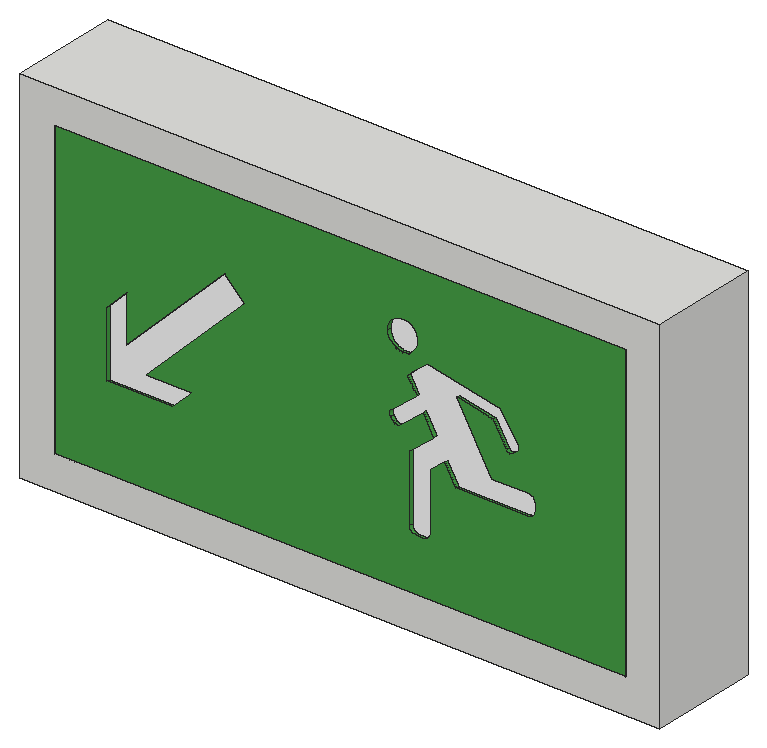
Revit family "T93061E Kubus65 M LED 32m 2-s stål LED driver_Tak", category Lighting Fixtures, Revit 2016
Family settings
  Part Type = Normal
  Round Connector Dimension = Use Diameter
  OmniClass Number = 23.80.70.11.21
  OmniClass Title = Emergency Lighting
  Work Plane-Based = No
  Always vertical = Yes
  Cut with Voids When Loaded = No
  Light Source = Yes
  Shared = No
  Room Calculation Point = No
Parameters (values of type "MarkeringsLys (45 Ned mot venstre)")
  Width = 63.5 mm  # constant formula
  Wattage Comments = "17 W"
  Wattage = 9.2903 W
  built-in parameter 1150110 = 1 (stored number, unit not read)
  Voltage = 230 V
  URL = ""
  Type Comments = "-UN"
  built-in parameter 1114217 = 1 (stored number, unit not read)
  Tilt Angle = 90.00°
  built-in parameter 1150109 = 1 (stored number, unit not read)
  built-in parameter 1150134 = 3
  Symbol Positive Direction [instance] = yes
  Symbol Offset Side [instance] = 0 mm
  Symbol Offset Out [instance] = 0 mm
  built-in parameter 1150113 = 1 (stored number, unit not read)
  Reference Line Out [instance] = 50 mm
  Photometric Web File = "20x42A12.ies"
  Number of Poles = 1
  NS8360 = "4431_WT2"
  Markeringslys normal = no
  Markeringslys ikke normal = yes
  MarkeringsLys Venstre = no
  MarkeringsLys Opp = no
  MarkeringsLys Ned = no
  MarkeringsLys Høyre = no
  MarkeringsLys 45 Opp mot venstre = no
  MarkeringsLys 45 Opp mot høyre = no
  MarkeringsLys 45 Ned mot venstre = yes
  MarkeringsLys 45 Ned mot høyre = no
  MarkeringsLys = yes
  built-in parameter 1150105 = 109.82 (stored number, unit not read)
  Lumens = 1380 lm
  built-in parameter 1150115 = 1 (stored number, unit not read)
  Load Classification [instance] = Other
  Model = ""
  Manufacturer = "Honeywell"
  built-in parameter 1150137 = (empty or 0)
  built-in parameter 1150139 = (empty or 0)
  Length 1 = Length - 40 mm  # 330 mm
  Length = 370 mm  # constant formula
  LedeLys = no
  built-in parameter 1150112 = 1 (stored number, unit not read)
  built-in parameter 1150114 = 1 (stored number, unit not read)
  Lamp = "1"
  Keynote = "WT2"
  built-in parameter 1150132 = (empty or 0)
  built-in parameter 1150102 = (empty or 0)
  built-in parameter 1150107 = 3200 (stored number, unit not read)
  built-in parameter 1150138 = (empty or 0)
  built-in parameter 1150106 = 1.0982 (stored number, unit not read)
  Height 2 = 0 mm  # constant formula
  Height 1 = Height - 39 mm  # 170 mm
  Height = 209 mm  # constant formula
  Emit from Rectangle Width = Height  # 209 mm
  Emit from Rectangle Length = Length  # 370 mm
  Emit Shape Visible in Rendering = no
  built-in parameter 1150104 = 13.8 (stored number, unit not read)
  Dimming Lamp Color Temperature Shift = <None>
  Description = ""
  Color Filter = 16777215
  Body Material and Colour = Steel
  built-in parameter 1114218 = 1 (stored number, unit not read)
  built-in parameter 1150133 = 10 (stored number, unit not read)
  Assembly Code = "4431"
  Apparent Load = 17 VA
Types (9, lengths in mm): name | NS8360 | Markeringslys normal | Markeringslys ikke normal | MarkeringsLys Venstre | MarkeringsLys Opp | MarkeringsLys Ned | MarkeringsLys Høyre | MarkeringsLys 45 Opp mot venstre | MarkeringsLys 45 Opp mot høyre | MarkeringsLys 45 Ned mot venstre | MarkeringsLys 45 Ned mot høyre | MarkeringsLys | LedeLys | Assembly Code
  LedeLys | "4432_WT2" | yes | no | no | no | no | no | no | no | no | no | no | yes | "4432"
  MarkeringsLys (Ned) | "4431_WT2" | yes | no | no | no | yes | no | no | no | no | no | yes | no | "4431"
  MarkeringsLys (Opp) | "4431_WT2" | yes | no | no | yes | no | no | no | no | no | no | yes | no | "4431"
  MarkeringsLys (45 Ned mot høyre) | "4431_WT2" | yes | no | no | no | no | no | no | no | no | yes | yes | no | "4431"
  MarkeringsLys (45 Ned mot venstre) | "4431_WT2" | no | yes | no | no | no | no | no | no | yes | no | yes | no | "4431"
  MarkeringsLys (45 Opp mot høyre) | "4431_WT2" | yes | no | no | no | no | no | no | yes | no | no | yes | no | "4431"
  MarkeringsLys (45 Opp mot venstre) | "4431_WT2" | no | yes | no | no | no | no | yes | no | no | no | yes | no | "4431"
  MarkeringsLys (Høyre) | "4431_WT2" | yes | no | no | no | no | yes | no | no | no | no | yes | no | "4431"
  MarkeringsLys (Venstre) | "4431_WT2" | no | yes | yes | no | no | no | no | no | no | no | yes | no | "4431"
Reference planes
  plane 1 "Light Source Axis (F/B)": y = 119.961
  plane 2 "Top": z = 83
  plane 3 "Light Source Axis (L/R)": x = 0
  plane 4 "Level": z = 0
  plane 5: x = -185
  plane 6: x = 185
  plane 7: x = -165
  plane 8: x = 165
  plane 9: z = -104.5
  plane 10: z = 0
  plane 11: z = -209
  plane 12: z = -19.5
  plane 13: z = -189.5
  plane 14: y = 151.711
  plane 15: y = 88.211
  plane 16: y = 90.211
  plane 17: y = 149.711
Forms (mm)
  Extrusion 1, solid, material "Steel" <- "Body Material and Colour"
    sketch origin (0, 119.961, -31.25) x (1, 0, 0) y (0, 0, 1)
      loop
        line (-185, 31.25) -> (-185, -177.75) -> (185, -177.75) -> (185, 31.25) -> (-185, 31.25)
      loop
        line (-165, 11.75) -> (-165, -158.25) -> (165, -158.25) -> (165, 11.75) -> (-165, 11.75)
    from -31.75 to 31.75
  Extrusion 2, solid, material "Steel" <- "Body Material and Colour"
    sketch origin (0, 0, 0) x (0, 1, 0) y (0, 0, 1)
      loop
        line (149.711, 0) -> (90.211, 0) -> (90.211, -209) -> (149.711, -209) -> (149.711, 0)
    from -185 to 185
Cuts and joins
  joined: Extrusion 1, Extrusion 2
Lines and regions (mm)
  model lines, style "InvisibleLines"
    curve 1: line (0, 119.961, 0) -> (0, 169.961, 0)
  symbolic lines, style "InvisibleLines"
    curve 2: line (0, 119.961, 50) -> (0, 119.961, 0)
Dimensions and locks
  equal spacing: plane 5, plane 3 "Light Source Axis (L/R)", plane 6
  "Length": plane 5 to plane 6
  equal spacing: plane 7, plane 3 "Light Source Axis (L/R)", plane 8
  "Length 1": plane 7 to plane 8
  "Reference Line Out": plane 1 "Light Source Axis (F/B)" to curve 1
  "Height 2": plane 4 "Level" to plane 10
  "Emit from Rectangle Width": plane 10 to plane 11
  equal spacing: plane 10, plane 9, plane 11
  equal spacing: plane 12, plane 9, plane 13
  "Height 1": plane 12 to plane 13
  equal spacing: plane 14, plane 1 "Light Source Axis (F/B)", plane 15
  "Width": plane 14 to plane 15
  aligned and locked: plane 4 "Level" to level
  aligned and locked: plane 3 "Light Source Axis (L/R)" to nested 2
  aligned and locked: plane 1 "Light Source Axis (F/B)" to nested 2
  aligned and locked: Extrusion 1 sketch curve to plane 6
  aligned and locked: plane 5 to Extrusion 1 sketch curve
  aligned and locked: plane 7 to Extrusion 1 sketch curve
  aligned and locked: Extrusion 1 sketch curve to plane 8
  aligned and locked: plane 9 to imposter light
  aligned and locked: imposter light to plane 3 "Light Source Axis (L/R)"
  aligned and locked: plane 1 "Light Source Axis (F/B)" to curve 1
  aligned and locked: plane 3 "Light Source Axis (L/R)" to curve 1
  aligned and locked: Extrusion 1 to plane 11
  aligned and locked: plane 10 to Extrusion 1
  aligned and locked: nested 1 to plane 3 "Light Source Axis (L/R)"
  aligned and locked: Extrusion 1 to Extrusion 2 sketch curve
  aligned and locked: plane 3 "Light Source Axis (L/R)" to nested 4
  aligned and locked: nested 6 to plane 3 "Light Source Axis (L/R)"
  aligned and locked: nested 6 to plane 9
  aligned and locked: plane 3 "Light Source Axis (L/R)" to nested 5
  aligned and locked: plane 9 to nested 5
  aligned and locked: nested 8 to plane 3 "Light Source Axis (L/R)"
  aligned and locked: nested 8 to plane 9
  aligned and locked: plane 9 to nested 7
  aligned and locked: plane 3 "Light Source Axis (L/R)" to nested 7
  aligned and locked: nested 9 to plane 9
  aligned and locked: nested 9 to plane 3 "Light Source Axis (L/R)"
  aligned and locked: plane 9 to nested 4
  aligned and locked: plane 3 "Light Source Axis (L/R)" to nested 3
  aligned and locked: plane 9 to nested 3
  aligned and locked: plane 9 to nested 10
  aligned and locked: plane 3 "Light Source Axis (L/R)" to nested 10
  aligned and locked: nested 11 to plane 3 "Light Source Axis (L/R)"
  aligned and locked: nested 11 to plane 9
  aligned and locked: plane 9 to nested 12
  aligned and locked: nested 13 to plane 9
  aligned and locked: plane 3 "Light Source Axis (L/R)" to nested 12
  aligned and locked: nested 13 to plane 3 "Light Source Axis (L/R)"
  aligned and locked: nested 15 to plane 9
  aligned and locked: plane 9 to nested 14
  aligned and locked: plane 3 "Light Source Axis (L/R)" to nested 14
  aligned and locked: nested 15 to plane 3 "Light Source Axis (L/R)"
  aligned and locked: plane 3 "Light Source Axis (L/R)" to nested 16
  aligned and locked: nested 17 to plane 3 "Light Source Axis (L/R)"
  aligned and locked: nested 17 to plane 9
  aligned and locked: plane 9 to nested 16
  aligned and locked: plane 14 to cut or joined group of Extrusion 1, Extrusion 2
  aligned and locked: nested 16 to plane 15
  aligned and locked: nested 17 to plane 14
  aligned and locked: Extrusion 1 sketch curve to plane 12
  aligned and locked: Extrusion 1 sketch curve to plane 13
  aligned and locked: cut or joined group of Extrusion 1, Extrusion 2 to plane 15
  aligned and locked: cut or joined group of Extrusion 1, Extrusion 2 to plane 16
  aligned and locked: plane 17 to cut or joined group of Extrusion 1, Extrusion 2
  aligned and locked: imposter light to plane 14
  aligned and locked: nested 11 to plane 14
  aligned and locked: nested 10 to plane 15
  aligned and locked: nested 13 to plane 14
  aligned and locked: nested 12 to plane 15
  aligned and locked: nested 8 to plane 14
  aligned and locked: nested 5 to plane 15
  aligned and locked: nested 15 to plane 14
  aligned and locked: nested 14 to plane 15
  aligned and locked: nested 9 to plane 14
  aligned and locked: nested 7 to plane 15
  aligned and locked: nested 1 to plane 14
  aligned and locked: nested 3 to plane 15
  aligned and locked: nested 6 to plane 14
  aligned and locked: nested 4 to plane 15
  aligned and locked: nested 1 to plane 9
  aligned and locked: plane 3 "Light Source Axis (L/R)" to curve 2
  aligned and locked: plane 4 "Level" to curve 2
  aligned and locked: plane 3 "Light Source Axis (L/R)" to nested 18
  aligned and locked: plane 1 "Light Source Axis (F/B)" to nested 18
Automatic sketch dimensions
  Extrusion 1 sketch curve to plane 11 = 0 mm
  Extrusion 1 sketch curve to plane 10 = 0 mm
  Extrusion 2 sketch curve to plane 11 = 0 mm
  plane 1 "Light Source Axis (F/B)" to Extrusion 2 sketch curve = 29.75 mm
  Extrusion 2 sketch curve to plane 1 "Light Source Axis (F/B)" = 29.75 mm
  plane 2 "Top" to curve 2 = 33 mm
Nested families
  nested 1: "Formula 65_ned" at (0, 149.711, -104.5), type "Formula 65"
  nested 2: "LedelysS" at (0, 119.961, 0), visible <- "LedeLys", type "Type 1"
  nested 3: "Formula 65_ned" at (0, 90.211, -104.5), visible <- "MarkeringsLys Ned", type "Formula 65"
  nested 4: "Formula 65_opp" at (0, 90.211, -104.5), visible <- "MarkeringsLys Opp", type "Formula 65"
  nested 5: "Formula 65_skrått 45 grader ned mot venstre" at (0, 90.211, -104.5), type "Formula 65"
    with 45 ned mot venstre yes
  nested 6: "Formula 65_opp" at (0, 149.711, -104.5), type "Formula 65"
  nested 7: "Formula 65_skrått 45 grader opp mot venstre" at (0, 90.211, -104.5), type "Formula 65"
  nested 8: "Formula 65_skrått 45 grader ned mot venstre" at (0, 149.711, -104.5), type "Formula 65"
    with 45 ned mot venstre yes
  nested 9: "Formula 65_skrått 45 grader opp mot venstre" at (0, 149.711, -104.5), type "Formula 65"
  nested 10: "Formula 65_høyre" at (0, 90.211, -104.5), type "Formula 65"
  nested 11: "Formula 65_høyre" at (0, 149.711, -104.5), type "Formula 65"
  nested 12: "Formula 65_skrått 45 grader ned mot høyre" at (0, 90.211, -104.5), type "Formula 65"
  nested 13: "Formula 65_skrått 45 grader ned mot høyre" at (0, 149.711, -104.5), type "Formula 65"
  nested 14: "Formula 65_skrått 45 grader opp mot høyre" at (0, 90.211, -104.5), type "Formula 65"
  nested 15: "Formula 65_skrått 45 grader opp mot høyre" at (0, 149.711, -104.5), type "Formula 65"
  nested 16: "Formula 65_venstre" at (0, 90.211, -104.5), type "Formula 65"
    with Venstre no
  nested 17: "Formula 65_venstre" at (0, 149.711, -104.5), type "Formula 65"
    with Venstre no
  nested 18: "MarkeringslysDobbelS" at (0, 119.961, 0), visible <- "MarkeringsLys", type "Type 1"
    with Venstre ned 45 yes, Opp no, Normal no, Ikke normal yes
Connectors
  electrical at (0, 119.961, 0), driven by "Number of Poles", driven by "Load Classification", driven by "Voltage", driven by "Apparent Load"
    settings: index 1, voltage 230 V, apparent load 0 VA, apparent load phase1 17 VA, apparent load phase2 0 VA, apparent load phase3 0 VA, power factor 1, load classification "Other", number of poles 1, system type 31, power factor state 1, is connector primary yes, connector utility no, sub classification motor no, connector description ""
Definition of nested family "Formula 65_skrått 45 grader ned mot venstre"
  Parameters (values of type "Formula 65")
    L = 205 mm
    H = 135 mm
    45 ned mot venstre = no
  Reference planes
    plane 1 "Center (Front/Back)": y = 0
    plane 2: z = 0
    plane 3 "Center (Left/Right)": x = 0
    plane 4: y = -2
  Forms (mm)
    Extrusion 1, solid, visible <- "45 ned mot venstre"
      sketch origin (453.48, 0, -265.275) x (1, 0, 0) y (0, 0, 1)
        loop
          line (-288.48, 350.275) -> (-618.48, 350.275) -> (-618.48, 180.275) -> (-288.48, 180.275) -> (-288.48, 350.275)
        loop
          circle (-416.951, 312.164) r 8.743
        loop
          line (-409.79, 296.785) -> (-414.349, 292.225) -> (-409.237, 283.371) -> (-423.754, 271.19)
          arc (-423.754, 271.19) -> (-424.61, 269.546) -> (-424.052, 267.778) r 2.422
          line (-424.052, 267.778) -> (-421.977, 265.304)
          arc (-421.977, 265.304) -> (-420.333, 264.448) -> (-418.565, 265.006) r 2.422
          line (-418.565, 265.006) -> (-405.139, 276.272) -> (-398.991, 265.623) -> (-413.093, 253.79) -> (-413.093, 215.253)
          arc (-413.093, 215.253) -> (-411.911, 212.399) -> (-409.056, 211.217) r 4.036
          line (-409.056, 211.217) -> (-405.02, 211.217)
          arc (-405.02, 211.217) -> (-402.166, 212.399) -> (-400.984, 215.253) r 4.036
          line (-400.984, 215.253) -> (-400.984, 248.144) -> (-392.843, 254.975) -> (-386.394, 243.805) -> (-344.475, 243.805)
          arc (-344.475, 243.805) -> (-341.621, 244.987) -> (-340.439, 247.841) r 4.036
          line (-340.439, 247.841) -> (-340.439, 251.878)
          arc (-340.439, 251.878) -> (-341.621, 254.732) -> (-344.475, 255.914) r 4.036
          line (-344.475, 255.914) -> (-365.421, 255.914) -> (-385.749, 291.125) -> (-364.745, 287.035) -> (-357.179, 273.93)
          arc (-357.179, 273.93) -> (-355.647, 272.786) -> (-353.763, 273.11) r 2.422
          line (-353.763, 273.11) -> (-350.966, 274.927)
          arc (-350.966, 274.927) -> (-349.916, 276.454) -> (-350.254, 278.277) r 2.422
          line (-350.254, 278.277) -> (-360.781, 294.487) -> (-402.782, 302.665) -> (-409.79, 296.785)
        loop
          line (-588.076, 266.6) -> (-588.076, 228.328) -> (-549.805, 228.328) -> (-538.323, 239.81) -> (-565.113, 239.81) -> (-508.443, 296.48) -> (-519.924, 307.962) -> (-576.595, 251.291) -> (-576.595, 278.081) -> (-588.076, 266.6)
      from 0 to 2
  Dimensions and locks
    aligned and locked: level to plane 2
Definition of nested family "Formula 65_ned"
  Parameters (values of type "Formula 65")
    Ned = no
    L = 205 mm
    H = 135 mm
  Reference planes
    plane 1 "Center (Front/Back)": y = 0
    plane 2: z = 0
    plane 3 "Center (Left/Right)": x = 0
    plane 4: y = -2
  Forms (mm)
    Extrusion 1, solid, visible <- "Ned"
      sketch origin (453.48, 0, -265.275) x (1, 0, 0) y (0, 0, 1)
        loop
          line (-288.48, 350.275) -> (-618.48, 350.275) -> (-618.48, 180.275) -> (-288.48, 180.275) -> (-288.48, 350.275)
        loop
          line (-505.328, 240.087) -> (-505.328, 256.324) -> (-524.271, 237.38) -> (-524.271, 317.525) -> (-540.508, 317.525) -> (-540.508, 237.38) -> (-559.451, 256.324) -> (-559.451, 240.087) -> (-532.389, 213.025) -> (-505.328, 240.087)
        loop
          circle (-416.951, 312.164) r 8.743
        loop
          line (-409.79, 296.785) -> (-414.349, 292.225) -> (-409.237, 283.371) -> (-423.754, 271.19)
          arc (-423.754, 271.19) -> (-424.61, 269.546) -> (-424.052, 267.778) r 2.422
          line (-424.052, 267.778) -> (-421.977, 265.304)
          arc (-421.977, 265.304) -> (-420.333, 264.448) -> (-418.565, 265.006) r 2.422
          line (-418.565, 265.006) -> (-405.139, 276.272) -> (-398.991, 265.623) -> (-413.093, 253.79) -> (-413.093, 215.253)
          arc (-413.093, 215.253) -> (-411.911, 212.399) -> (-409.056, 211.217) r 4.036
          line (-409.056, 211.217) -> (-405.02, 211.217)
          arc (-405.02, 211.217) -> (-402.166, 212.399) -> (-400.984, 215.253) r 4.036
          line (-400.984, 215.253) -> (-400.984, 248.144) -> (-392.843, 254.975) -> (-386.394, 243.805) -> (-344.475, 243.805)
          arc (-344.475, 243.805) -> (-341.621, 244.987) -> (-340.439, 247.841) r 4.036
          line (-340.439, 247.841) -> (-340.439, 251.878)
          arc (-340.439, 251.878) -> (-341.621, 254.732) -> (-344.475, 255.914) r 4.036
          line (-344.475, 255.914) -> (-365.421, 255.914) -> (-385.749, 291.125) -> (-364.745, 287.035) -> (-357.179, 273.93)
          arc (-357.179, 273.93) -> (-355.647, 272.786) -> (-353.763, 273.11) r 2.422
          line (-353.763, 273.11) -> (-350.966, 274.927)
          arc (-350.966, 274.927) -> (-349.916, 276.454) -> (-350.254, 278.277) r 2.422
          line (-350.254, 278.277) -> (-360.781, 294.487) -> (-402.782, 302.665) -> (-409.79, 296.785)
      from 0 to 2
  Dimensions and locks
    aligned and locked: level to plane 2
Definition of nested family "LedelysS"
  Parameters
    CQ Symbol Positive Direction = yes
    CQ Symbol Negative Direction = not(CQ Symbol Positive Direction)  # no
    CQ Symbol Offset Side = 0 mm
    CQ Symbol Offset Out = 0 mm
  Reference planes
    plane 1: y = 0
    plane 2: x = 0
  Dimensions and locks
    "CQ Symbol Offset Out": plane 1 to nested 1
    "CQ Symbol Offset Out": plane 1 to nested 2
    "CQ Symbol Offset Side": plane 2 to nested 2
    "CQ Symbol Offset Side": nested 1 to plane 2
  Nested families
    nested 1: "LedelysSub" at (0, 0, 0), visible <- "CQ Symbol Negative Direction", type "Type 1"
    nested 2: "LedelysSub" at (0, 0, 0), visible <- "CQ Symbol Positive Direction", type "Type 1"
  Definition of nested family "LedelysSub"
    Reference planes
      plane 1: y = 0
      plane 2: x = 0
    Lines and regions (mm)
      detail lines
        curve 1: line (-4, -2, 0) -> (4, -2, 0)
        curve 2: line (4, -2, 0) -> (4, 2, 0)
        curve 3: line (4, 2, 0) -> (-4, 2, 0)
        curve 4: line (-4, 2, 0) -> (-4, -2, 0)
        curve 5: line (-3.097, -1.25, 0) -> (-0.597, 1.25, 0)
        curve 6: line (-3.097, 1.25, 0) -> (-0.597, -1.25, 0)
        curve 7: circle (-1.847, 0, 0) r 1.2 normal (0, 0, 1)
    Text (mm)
      text "LL" at (2.179, 1.025, 0)
Definition of nested family "Formula 65_opp"
  Parameters (values of type "Formula 65")
    Up = no
    L = 205 mm
    H = 135 mm
  Reference planes
    plane 1 "Center (Front/Back)": y = 0
    plane 2: z = 0
    plane 3 "Center (Left/Right)": x = 0
    plane 4: y = -2
  Forms (mm)
    Extrusion 1, solid, visible <- "Up"
      sketch origin (453.48, 0, -265.275) x (1, 0, 0) y (0, 0, 1)
        loop
          line (-288.48, 350.275) -> (-618.48, 350.275) -> (-618.48, 180.275) -> (-288.48, 180.275) -> (-288.48, 350.275)
        loop
          circle (-406.951, 312.164) r 8.743
        loop
          line (-399.79, 296.785) -> (-404.349, 292.225) -> (-399.237, 283.371) -> (-413.754, 271.19)
          arc (-413.754, 271.19) -> (-414.61, 269.546) -> (-414.052, 267.778) r 2.422
          line (-414.052, 267.778) -> (-411.977, 265.304)
          arc (-411.977, 265.304) -> (-410.333, 264.448) -> (-408.565, 265.006) r 2.422
          line (-408.565, 265.006) -> (-395.139, 276.272) -> (-388.991, 265.623) -> (-403.093, 253.79) -> (-403.093, 215.253)
          arc (-403.093, 215.253) -> (-401.911, 212.399) -> (-399.056, 211.217) r 4.036
          line (-399.056, 211.217) -> (-395.02, 211.217)
          arc (-395.02, 211.217) -> (-392.166, 212.399) -> (-390.984, 215.253) r 4.036
          line (-390.984, 215.253) -> (-390.984, 248.144) -> (-382.843, 254.975) -> (-376.394, 243.805) -> (-334.475, 243.805)
          arc (-334.475, 243.805) -> (-331.621, 244.987) -> (-330.439, 247.841) r 4.036
          line (-330.439, 247.841) -> (-330.439, 251.878)
          arc (-330.439, 251.878) -> (-331.621, 254.732) -> (-334.475, 255.914) r 4.036
          line (-334.475, 255.914) -> (-355.421, 255.914) -> (-375.749, 291.125) -> (-354.745, 287.035) -> (-347.179, 273.93)
          arc (-347.179, 273.93) -> (-345.647, 272.786) -> (-343.763, 273.11) r 2.422
          line (-343.763, 273.11) -> (-340.966, 274.927)
          arc (-340.966, 274.927) -> (-339.916, 276.454) -> (-340.254, 278.277) r 2.422
          line (-340.254, 278.277) -> (-350.781, 294.487) -> (-392.782, 302.665) -> (-399.79, 296.785)
        loop
          line (-505.328, 290.463) -> (-532.389, 317.525) -> (-559.451, 290.463) -> (-559.451, 274.226) -> (-540.508, 293.169) -> (-540.508, 213.025) -> (-524.271, 213.025) -> (-524.271, 293.169) -> (-505.328, 274.226) -> (-505.328, 290.463)
      from 0 to 2
  Dimensions and locks
    aligned and locked: level to plane 2
Definition of nested family "Formula 65_skrått 45 grader opp mot venstre"
  Parameters (values of type "Formula 65")
    L = 205 mm
    H = 135 mm
    45 opp mot venstre = no
  Reference planes
    plane 1 "Center (Front/Back)": y = 0
    plane 2: z = 0
    plane 3 "Center (Left/Right)": x = 0
    plane 4: y = -2
  Forms (mm)
    Extrusion 1, solid, visible <- "45 opp mot venstre"
      sketch origin (453.48, 0, -265.275) x (1, 0, 0) y (0, 0, 1)
        loop
          line (-288.48, 350.275) -> (-618.48, 350.275) -> (-618.48, 180.275) -> (-288.48, 180.275) -> (-288.48, 350.275)
        loop
          circle (-420.272, 307.901) r 7.948
        loop
          line (-413.762, 293.92) -> (-417.907, 289.775) -> (-413.259, 281.726) -> (-426.456, 270.652)
          arc (-426.456, 270.652) -> (-427.234, 269.157) -> (-426.728, 267.55) r 2.202
          line (-426.728, 267.55) -> (-424.841, 265.302)
          arc (-424.841, 265.302) -> (-423.346, 264.524) -> (-421.739, 265.03) r 2.202
          line (-421.739, 265.03) -> (-409.533, 275.272) -> (-403.944, 265.592) -> (-416.764, 254.834) -> (-416.764, 219.801)
          arc (-416.764, 219.801) -> (-415.69, 217.206) -> (-413.095, 216.131) r 3.669
          line (-413.095, 216.131) -> (-409.425, 216.131)
          arc (-409.425, 216.131) -> (-406.831, 217.206) -> (-405.756, 219.801) r 3.669
          line (-405.756, 219.801) -> (-405.756, 249.701) -> (-398.355, 255.911) -> (-392.493, 245.757) -> (-354.384, 245.757)
          arc (-354.384, 245.757) -> (-351.79, 246.832) -> (-350.715, 249.426) r 3.669
          line (-350.715, 249.426) -> (-350.715, 253.096)
          arc (-350.715, 253.096) -> (-351.79, 255.69) -> (-354.384, 256.765) r 3.669
          line (-354.384, 256.765) -> (-373.426, 256.765) -> (-391.907, 288.775) -> (-372.812, 285.056) -> (-365.934, 273.144)
          arc (-365.934, 273.144) -> (-364.541, 272.104) -> (-362.828, 272.398) r 2.202
          line (-362.828, 272.398) -> (-360.285, 274.049)
          arc (-360.285, 274.049) -> (-359.331, 275.438) -> (-359.638, 277.095) r 2.202
          line (-359.638, 277.095) -> (-369.208, 291.831) -> (-407.391, 299.266) -> (-413.762, 293.92)
        loop
          line (-575.84, 264.07) -> (-565.402, 253.633) -> (-565.402, 277.987) -> (-513.883, 226.468) -> (-503.446, 236.906) -> (-554.965, 288.425) -> (-530.61, 288.425) -> (-541.048, 298.862) -> (-575.84, 298.862) -> (-575.84, 264.07)
      from 0 to 2
  Dimensions and locks
    aligned and locked: level to plane 2
Definition of nested family "Formula 65_høyre"
  Parameters (values of type "Formula 65")
    L = 205 mm
    Høyre = no
    H = 135 mm
  Reference planes
    plane 1 "Center (Front/Back)": y = 0
    plane 2: z = 0
    plane 3 "Center (Left/Right)": x = 0
    plane 4: y = -2
  Forms (mm)
    Extrusion 1, solid, visible <- "Høyre"
      sketch origin (453.48, 0, -265.275) x (1, 0, 0) y (0, 0, 1)
        loop
          line (-288.48, 350.275) -> (-618.48, 350.275) -> (-618.48, 180.275) -> (-288.48, 180.275) -> (-288.48, 350.275)
        loop
          circle (-490.008, 312.164) r 8.743
        loop
          line (-497.169, 296.785) -> (-504.177, 302.665) -> (-546.178, 294.487) -> (-556.705, 278.277)
          arc (-556.705, 278.277) -> (-557.043, 276.454) -> (-555.993, 274.927) r 2.422
          line (-555.993, 274.927) -> (-553.196, 273.11)
          arc (-553.196, 273.11) -> (-551.312, 272.786) -> (-549.78, 273.93) r 2.422
          line (-549.78, 273.93) -> (-542.214, 287.035) -> (-521.21, 291.125) -> (-541.539, 255.914) -> (-562.484, 255.914)
          arc (-562.484, 255.914) -> (-565.338, 254.732) -> (-566.52, 251.878) r 4.036
          line (-566.52, 251.878) -> (-566.52, 247.841)
          arc (-566.52, 247.841) -> (-565.338, 244.987) -> (-562.484, 243.805) r 4.036
          line (-562.484, 243.805) -> (-520.565, 243.805) -> (-514.116, 254.975) -> (-505.975, 248.144) -> (-505.975, 215.253)
          arc (-505.975, 215.253) -> (-504.793, 212.399) -> (-501.939, 211.217) r 4.036
          line (-501.939, 211.217) -> (-497.903, 211.217)
          arc (-497.903, 211.217) -> (-495.049, 212.399) -> (-493.866, 215.253) r 4.036
          line (-493.866, 215.253) -> (-493.866, 253.79) -> (-507.968, 265.623) -> (-501.82, 276.272) -> (-488.394, 265.006)
          arc (-488.394, 265.006) -> (-486.627, 264.448) -> (-484.982, 265.304) r 2.422
          line (-484.982, 265.304) -> (-482.907, 267.778)
          arc (-482.907, 267.778) -> (-482.349, 269.546) -> (-483.205, 271.19) r 2.422
          line (-483.205, 271.19) -> (-497.722, 283.371) -> (-492.61, 292.225) -> (-497.169, 296.785)
        loop
          line (-343.016, 292.337) -> (-359.253, 292.337) -> (-340.31, 273.393) -> (-420.455, 273.393) -> (-420.455, 257.156) -> (-340.31, 257.156) -> (-359.253, 238.213) -> (-343.016, 238.213) -> (-315.955, 265.275) -> (-343.016, 292.337)
      from 0 to 2
  Dimensions and locks
    aligned and locked: level to plane 2
Definition of nested family "Formula 65_skrått 45 grader ned mot høyre"
  Parameters (values of type "Formula 65")
    L = 205 mm
    H = 135 mm
    45 ned mot høyre = no
  Reference planes
    plane 1 "Center (Front/Back)": y = 0
    plane 2: z = 0
    plane 3 "Center (Left/Right)": x = 0
    plane 4: y = -2
  Forms (mm)
    Extrusion 1, solid, visible <- "45 ned mot høyre"
      sketch origin (453.48, 0, -265.275) x (1, 0, 0) y (0, 0, 1)
        loop
          line (-288.48, 350.275) -> (-618.48, 350.275) -> (-618.48, 180.275) -> (-288.48, 180.275) -> (-288.48, 350.275)
        loop
          circle (-490.008, 312.164) r 8.743
        loop
          line (-497.169, 296.785) -> (-504.177, 302.665) -> (-546.178, 294.487) -> (-556.705, 278.277)
          arc (-556.705, 278.277) -> (-557.043, 276.454) -> (-555.993, 274.927) r 2.422
          line (-555.993, 274.927) -> (-553.196, 273.11)
          arc (-553.196, 273.11) -> (-551.312, 272.786) -> (-549.78, 273.93) r 2.422
          line (-549.78, 273.93) -> (-542.214, 287.035) -> (-521.21, 291.125) -> (-541.539, 255.914) -> (-562.484, 255.914)
          arc (-562.484, 255.914) -> (-565.338, 254.732) -> (-566.52, 251.878) r 4.036
          line (-566.52, 251.878) -> (-566.52, 247.841)
          arc (-566.52, 247.841) -> (-565.338, 244.987) -> (-562.484, 243.805) r 4.036
          line (-562.484, 243.805) -> (-520.565, 243.805) -> (-514.116, 254.975) -> (-505.975, 248.144) -> (-505.975, 215.253)
          arc (-505.975, 215.253) -> (-504.793, 212.399) -> (-501.939, 211.217) r 4.036
          line (-501.939, 211.217) -> (-497.903, 211.217)
          arc (-497.903, 211.217) -> (-495.049, 212.399) -> (-493.866, 215.253) r 4.036
          line (-493.866, 215.253) -> (-493.866, 253.79) -> (-507.968, 265.623) -> (-501.82, 276.272) -> (-488.394, 265.006)
          arc (-488.394, 265.006) -> (-486.627, 264.448) -> (-484.982, 265.304) r 2.422
          line (-484.982, 265.304) -> (-482.907, 267.778)
          arc (-482.907, 267.778) -> (-482.349, 269.546) -> (-483.205, 271.19) r 2.422
          line (-483.205, 271.19) -> (-497.722, 283.371) -> (-492.61, 292.225) -> (-497.169, 296.785)
        loop
          line (-324.383, 266.6) -> (-335.865, 278.081) -> (-335.865, 251.291) -> (-392.535, 307.962) -> (-404.017, 296.48) -> (-347.346, 239.81) -> (-374.136, 239.81) -> (-362.654, 228.328) -> (-324.383, 228.328) -> (-324.383, 266.6)
      from 0 to 2
  Dimensions and locks
    aligned and locked: level to plane 2
Definition of nested family "Formula 65_skrått 45 grader opp mot høyre"
  Parameters (values of type "Formula 65")
    L = 205 mm
    H = 135 mm
    45 grader opp mot høyre = no
  Reference planes
    plane 1 "Center (Front/Back)": y = 0
    plane 2: z = 0
    plane 3 "Center (Left/Right)": x = 0
    plane 4: y = -2
  Forms (mm)
    Extrusion 1, solid, visible <- "45 grader opp mot høyre"
      sketch origin (453.48, 0, -265.275) x (1, 0, 0) y (0, 0, 1)
        loop
          line (-288.48, 350.275) -> (-618.48, 350.275) -> (-618.48, 180.275) -> (-288.48, 180.275) -> (-288.48, 350.275)
        loop
          circle (-505.008, 312.164) r 8.743
        loop
          line (-512.169, 296.785) -> (-519.177, 302.665) -> (-561.178, 294.487) -> (-571.705, 278.277)
          arc (-571.705, 278.277) -> (-572.043, 276.454) -> (-570.993, 274.927) r 2.422
          line (-570.993, 274.927) -> (-568.196, 273.11)
          arc (-568.196, 273.11) -> (-566.312, 272.786) -> (-564.78, 273.93) r 2.422
          line (-564.78, 273.93) -> (-557.214, 287.035) -> (-536.21, 291.125) -> (-556.539, 255.914) -> (-577.484, 255.914)
          arc (-577.484, 255.914) -> (-580.338, 254.732) -> (-581.52, 251.878) r 4.036
          line (-581.52, 251.878) -> (-581.52, 247.841)
          arc (-581.52, 247.841) -> (-580.338, 244.987) -> (-577.484, 243.805) r 4.036
          line (-577.484, 243.805) -> (-535.565, 243.805) -> (-529.116, 254.975) -> (-520.975, 248.144) -> (-520.975, 215.253)
          arc (-520.975, 215.253) -> (-519.793, 212.399) -> (-516.939, 211.217) r 4.036
          line (-516.939, 211.217) -> (-512.903, 211.217)
          arc (-512.903, 211.217) -> (-510.049, 212.399) -> (-508.866, 215.253) r 4.036
          line (-508.866, 215.253) -> (-508.866, 253.79) -> (-522.968, 265.623) -> (-516.82, 276.272) -> (-503.394, 265.006)
          arc (-503.394, 265.006) -> (-501.627, 264.448) -> (-499.982, 265.304) r 2.422
          line (-499.982, 265.304) -> (-497.907, 267.778)
          arc (-497.907, 267.778) -> (-497.349, 269.546) -> (-498.205, 271.19) r 2.422
          line (-498.205, 271.19) -> (-512.722, 283.371) -> (-507.61, 292.225) -> (-512.169, 296.785)
        loop
          line (-324.383, 263.95) -> (-324.383, 302.221) -> (-362.654, 302.221) -> (-374.136, 290.74) -> (-347.346, 290.74) -> (-404.017, 234.069) -> (-392.535, 222.588) -> (-335.865, 279.258) -> (-335.865, 252.469) -> (-324.383, 263.95)
      from 0 to 2
  Dimensions and locks
    aligned and locked: level to plane 2
Definition of nested family "Formula 65_venstre"
  Parameters (values of type "Formula 65")
    Venstre = yes
    L = 205 mm
    H = 135 mm
  Reference planes
    plane 1 "Center (Front/Back)": y = 0
    plane 2: z = 0
    plane 3 "Center (Left/Right)": x = 0
    plane 4: y = -2
  Forms (mm)
    Extrusion 1, solid, visible <- "Venstre"
      sketch origin (453.48, 0, -265.275) x (1, 0, 0) y (0, 0, 1)
        loop
          line (-288.48, 350.275) -> (-618.48, 350.275) -> (-618.48, 180.275) -> (-288.48, 180.275) -> (-288.48, 350.275)
        loop
          circle (-401.951, 312.164) r 8.743
        loop
          line (-394.79, 296.785) -> (-399.349, 292.225) -> (-394.237, 283.371) -> (-408.754, 271.19)
          arc (-408.754, 271.19) -> (-409.61, 269.546) -> (-409.052, 267.778) r 2.422
          line (-409.052, 267.778) -> (-406.977, 265.304)
          arc (-406.977, 265.304) -> (-405.333, 264.448) -> (-403.565, 265.006) r 2.422
          line (-403.565, 265.006) -> (-390.139, 276.272) -> (-383.991, 265.623) -> (-398.093, 253.79) -> (-398.093, 215.253)
          arc (-398.093, 215.253) -> (-396.911, 212.399) -> (-394.056, 211.217) r 4.036
          line (-394.056, 211.217) -> (-390.02, 211.217)
          arc (-390.02, 211.217) -> (-387.166, 212.399) -> (-385.984, 215.253) r 4.036
          line (-385.984, 215.253) -> (-385.984, 248.144) -> (-377.843, 254.975) -> (-371.394, 243.805) -> (-329.475, 243.805)
          arc (-329.475, 243.805) -> (-326.621, 244.987) -> (-325.439, 247.841) r 4.036
          line (-325.439, 247.841) -> (-325.439, 251.878)
          arc (-325.439, 251.878) -> (-326.621, 254.732) -> (-329.475, 255.914) r 4.036
          line (-329.475, 255.914) -> (-350.421, 255.914) -> (-370.749, 291.125) -> (-349.745, 287.035) -> (-342.179, 273.93)
          arc (-342.179, 273.93) -> (-340.647, 272.786) -> (-338.763, 273.11) r 2.422
          line (-338.763, 273.11) -> (-335.966, 274.927)
          arc (-335.966, 274.927) -> (-334.916, 276.454) -> (-335.254, 278.277) r 2.422
          line (-335.254, 278.277) -> (-345.781, 294.487) -> (-387.782, 302.665) -> (-394.79, 296.785)
        loop
          line (-563.943, 292.337) -> (-591.005, 265.275) -> (-563.943, 238.213) -> (-547.706, 238.213) -> (-566.649, 257.156) -> (-486.505, 257.156) -> (-486.505, 273.393) -> (-566.649, 273.393) -> (-547.706, 292.337) -> (-563.943, 292.337)
      from 0 to 2
  Dimensions and locks
    aligned and locked: level to plane 2
Definition of nested family "MarkeringslysDobbelS"
  Parameters (values of type "Type 1")
    Venstre opp 45 = no
    Venstre ned 45 = no
    Venstre = no
    Opp = yes
    Normal = yes
    Ned = no
    Ikke normal = no
    Høyre opp 45 = no
    Høyre ned 45 = no
    Høyre = no
    CQ Symbol Positive Direction = yes
    CQ Symbol Negative Direction = not(CQ Symbol Positive Direction)  # no
    CQ Symbol Offset Side = 0 mm
    CQ Symbol Offset Out = 0 mm
  Reference planes
    plane 1: y = 0
    plane 2: x = 0
  Dimensions and locks
    "CQ Symbol Offset Out": plane 1 to nested 1
    "CQ Symbol Offset Out": plane 1 to nested 2
    "CQ Symbol Offset Side": plane 2 to nested 2
    "CQ Symbol Offset Side": nested 1 to plane 2
  Nested families
    nested 1: "Markeringslys dobbel" at (0, 0, 0), visible <- "CQ Symbol Negative Direction", type "Type 1"
    nested 2: "Markeringslys dobbel" at (0, 0, 0), visible <- "CQ Symbol Positive Direction", type "Type 1"
  Definition of nested family "Markeringslys dobbel"
    Parameters (values of type "Type 1")
      Venstre opp 45 = no
      Venstre ned 45 = no
      Venstre = no
      Opp = yes
      Normal = yes
      Ned = no
      Ikke normal = no
      Høyre opp 45 = no
      Høyre ned 45 = no
      Høyre = no
    Reference planes
      plane 1: y = 0
      plane 2: x = 0
    Lines and regions (mm)
      detail lines
        curve 1: line (4, -4, 0) -> (-4, -4, 0)
        curve 2: line (-4, -4, 0) -> (-4, 0, 0)
        curve 3: line (-4, 0, 0) -> (4, 0, 0)
        curve 4: line (4, 0, 0) -> (4, -4, 0)
        curve 45: line (-4, 4, 0) -> (4, 4, 0)
        curve 46: line (4, 4, 0) -> (4, 0, 0)
        curve 47: line (4, 0, 0) -> (-4, 0, 0)
        curve 48: line (-4, 0, 0) -> (-4, 4, 0)
        curve 58: circle (1.212, 0.614, 0) r 0.3 normal (0, 0, -1)
      detail lines, visible <- "Ned"
        curve 5: line (2.346, -0.5, 0) -> (1.646, -0.5, 0)
        curve 6: line (2.346, -0.5, 0) -> (2.346, -2.584, 0)
        curve 7: line (1.646, -0.5, 0) -> (1.646, -2.584, 0)
        curve 8: line (1.996, -3.5, 0) -> (2.996, -2.5, 0)
        curve 9: line (2.996, -2.5, 0) -> (2.996, -1.934, 0)
        curve 10: line (2.996, -1.934, 0) -> (2.346, -2.584, 0)
        curve 11: line (1.996, -3.5, 0) -> (0.996, -2.5, 0)
        curve 12: line (0.996, -2.5, 0) -> (0.996, -1.934, 0)
        curve 13: line (0.996, -1.934, 0) -> (1.646, -2.584, 0)
        curve 49: line (-2.346, 0.5, 0) -> (-1.646, 0.5, 0)
        curve 50: line (-2.346, 0.5, 0) -> (-2.346, 2.584, 0)
        curve 51: line (-1.646, 0.5, 0) -> (-1.646, 2.584, 0)
        curve 52: line (-1.996, 3.5, 0) -> (-2.996, 2.5, 0)
        curve 53: line (-2.996, 2.5, 0) -> (-2.996, 1.934, 0)
        curve 54: line (-2.996, 1.934, 0) -> (-2.346, 2.584, 0)
        curve 55: line (-1.996, 3.5, 0) -> (-0.996, 2.5, 0)
        curve 56: line (-0.996, 2.5, 0) -> (-0.996, 1.934, 0)
        curve 57: line (-0.996, 1.934, 0) -> (-1.646, 2.584, 0)
      detail lines, visible <- "Normal"
        curve 14: circle (-1.212, -0.614, 0) r 0.3 normal (0, 0, -1)
        curve 15: line (-0.986, -3.7, 0) -> (-1.395, -3.7, 0)
        curve 16: line (-0.986, -3.7, 0) -> (-1.823, -2.308, 0)
        curve 17: line (-1.823, -2.308, 0) -> (-1.461, -1.495, 0)
        curve 18: line (-1.069, -2.147, 0) -> (-1.461, -1.495, 0)
        curve 19: line (-1.069, -2.147, 0) -> (-0.487, -2.147, 0)
        curve 20: line (-0.487, -2.147, 0) -> (-0.487, -1.847, 0)
        curve 21: line (-0.487, -1.847, 0) -> (-0.899, -1.847, 0)
        curve 22: line (-0.899, -1.847, 0) -> (-1.307, -1.169, 0)
        curve 23: line (-1.395, -3.7, 0) -> (-2.104, -2.518, 0)
        curve 24: line (-1.307, -1.169, 0) -> (-1.753, -0.97, 0)
        curve 25: line (-1.753, -0.97, 0) -> (-2.625, -0.97, 0)
        curve 26: line (-2.625, -0.97, 0) -> (-2.99, -1.627, 0)
        curve 27: line (-2.99, -1.627, 0) -> (-2.769, -1.848, 0)
        curve 28: line (-2.769, -1.848, 0) -> (-2.457, -1.285, 0)
        curve 29: line (-2.104, -2.518, 0) -> (-2.259, -3.229, 0)
        curve 30: line (-2.259, -3.229, 0) -> (-3.557, -3.229, 0)
        curve 31: line (-3.557, -3.229, 0) -> (-3.457, -2.879, 0)
        curve 32: line (-3.457, -2.879, 0) -> (-2.541, -2.879, 0)
        curve 33: line (-2.541, -2.879, 0) -> (-2.4, -2.23, 0)
        curve 34: line (-2.4, -2.23, 0) -> (-2.021, -1.38, 0)
        curve 35: line (-2.021, -1.38, 0) -> (-2.457, -1.285, 0)
        curve 59: line (0.986, 3.7, 0) -> (1.395, 3.7, 0)
        curve 60: line (0.986, 3.7, 0) -> (1.823, 2.308, 0)
        curve 61: line (1.823, 2.308, 0) -> (1.461, 1.495, 0)
        curve 62: line (1.069, 2.147, 0) -> (1.461, 1.495, 0)
        curve 63: line (1.069, 2.147, 0) -> (0.487, 2.147, 0)
        curve 64: line (0.487, 2.147, 0) -> (0.487, 1.847, 0)
        curve 65: line (0.487, 1.847, 0) -> (0.899, 1.847, 0)
        curve 66: line (0.899, 1.847, 0) -> (1.307, 1.169, 0)
        curve 67: line (1.395, 3.7, 0) -> (2.104, 2.518, 0)
        curve 68: line (1.307, 1.169, 0) -> (1.753, 0.97, 0)
        curve 69: line (1.753, 0.97, 0) -> (2.625, 0.97, 0)
        curve 70: line (2.625, 0.97, 0) -> (2.99, 1.627, 0)
        curve 71: line (2.99, 1.627, 0) -> (2.769, 1.848, 0)
        curve 72: line (2.769, 1.848, 0) -> (2.457, 1.285, 0)
        curve 73: line (2.104, 2.518, 0) -> (2.259, 3.229, 0)
        curve 74: line (2.259, 3.229, 0) -> (3.557, 3.229, 0)
        curve 75: line (3.557, 3.229, 0) -> (3.457, 2.879, 0)
        curve 76: line (3.457, 2.879, 0) -> (2.541, 2.879, 0)
        curve 77: line (2.541, 2.879, 0) -> (2.4, 2.23, 0)
        curve 78: line (2.4, 2.23, 0) -> (2.021, 1.38, 0)
        curve 79: line (2.021, 1.38, 0) -> (2.457, 1.285, 0)
      detail lines, visible <- "Opp"
        curve 36: line (1.646, -3.5, 0) -> (2.346, -3.5, 0)
        curve 37: line (1.646, -3.5, 0) -> (1.646, -1.416, 0)
        curve 38: line (2.346, -3.5, 0) -> (2.346, -1.416, 0)
        curve 39: line (1.996, -0.5, 0) -> (0.996, -1.5, 0)
        curve 40: line (0.996, -1.5, 0) -> (0.996, -2.066, 0)
        curve 41: line (0.996, -2.066, 0) -> (1.646, -1.416, 0)
        curve 42: line (1.996, -0.5, 0) -> (2.996, -1.5, 0)
        curve 43: line (2.996, -1.5, 0) -> (2.996, -2.066, 0)
        curve 44: line (2.996, -2.066, 0) -> (2.346, -1.416, 0)
        curve 80: line (-1.646, 3.5, 0) -> (-2.346, 3.5, 0)
        curve 81: line (-1.646, 3.5, 0) -> (-1.646, 1.416, 0)
        curve 82: line (-2.346, 3.5, 0) -> (-2.346, 1.416, 0)
        curve 83: line (-1.996, 0.5, 0) -> (-0.996, 1.5, 0)
        curve 84: line (-0.996, 1.5, 0) -> (-0.996, 2.066, 0)
        curve 85: line (-0.996, 2.066, 0) -> (-1.646, 1.416, 0)
        curve 86: line (-1.996, 0.5, 0) -> (-2.996, 1.5, 0)
        curve 87: line (-2.996, 1.5, 0) -> (-2.996, 2.066, 0)
        curve 88: line (-2.996, 2.066, 0) -> (-2.346, 1.416, 0)
      detail lines, visible <- "Høyre"
        curve 89: line (0.496, -1.65, 0) -> (0.496, -2.35, 0)
        curve 90: line (0.496, -1.65, 0) -> (2.58, -1.65, 0)
        curve 91: line (0.496, -2.35, 0) -> (2.58, -2.35, 0)
        curve 92: line (3.496, -2, 0) -> (2.496, -1, 0)
        curve 93: line (2.496, -1, 0) -> (1.93, -1, 0)
        curve 94: line (1.93, -1, 0) -> (2.58, -1.65, 0)
        curve 95: line (3.496, -2, 0) -> (2.496, -3, 0)
        curve 96: line (2.496, -3, 0) -> (1.93, -3, 0)
        curve 97: line (1.93, -3, 0) -> (2.58, -2.35, 0)
        curve 100: line (-0.496, 1.65, 0) -> (-0.496, 2.35, 0)
        curve 101: line (-0.496, 1.65, 0) -> (-2.58, 1.65, 0)
        curve 102: line (-0.496, 2.35, 0) -> (-2.58, 2.35, 0)
        curve 103: line (-3.496, 2, 0) -> (-2.466, 0.97, 0)
        curve 104: line (-2.496, 1, 0) -> (-1.93, 1, 0)
        curve 105: line (-1.93, 1, 0) -> (-2.58, 1.65, 0)
        curve 106: line (-3.496, 2, 0) -> (-2.496, 3, 0)
        curve 107: line (-2.496, 3, 0) -> (-1.93, 3, 0)
        curve 108: line (-1.93, 3, 0) -> (-2.58, 2.35, 0)
      detail lines, visible <- "Venstre"
        curve 98: line (-1.496, 1, 0) -> (-2.062, 1, 0)
        curve 99: line (-2.062, 1, 0) -> (-1.412, 1.65, 0)
        curve 131: line (-0.409, -1.65, 0) -> (-0.409, -2.35, 0)
        curve 132: line (-0.409, -1.65, 0) -> (-2.493, -1.65, 0)
        curve 133: line (-0.409, -2.35, 0) -> (-2.493, -2.35, 0)
        curve 134: line (-3.409, -2, 0) -> (-2.409, -1, 0)
        curve 135: line (-2.409, -1, 0) -> (-1.843, -1, 0)
        curve 136: line (-1.843, -1, 0) -> (-2.493, -1.65, 0)
        curve 137: line (-3.409, -2, 0) -> (-2.409, -3, 0)
        curve 138: line (-2.409, -3, 0) -> (-1.843, -3, 0)
        curve 139: line (-1.843, -3, 0) -> (-2.493, -2.35, 0)
        curve 162: line (0.409, 1.65, 0) -> (0.409, 2.35, 0)
        curve 163: line (0.409, 1.65, 0) -> (2.493, 1.65, 0)
        curve 164: line (0.409, 2.35, 0) -> (2.493, 2.35, 0)
        curve 165: line (3.409, 2, 0) -> (2.409, 1, 0)
        curve 166: line (2.409, 1, 0) -> (1.843, 1, 0)
        curve 167: line (1.843, 1, 0) -> (2.493, 1.65, 0)
        curve 168: line (3.409, 2, 0) -> (2.409, 3, 0)
        curve 169: line (2.409, 3, 0) -> (1.843, 3, 0)
        curve 170: line (1.843, 3, 0) -> (2.493, 2.35, 0)
      detail lines, visible <- "Ikke normal"
        curve 109: circle (1.299, -0.614, 0) r 0.3 normal (0, 0, 1)
        curve 110: line (1.073, -3.7, 0) -> (1.482, -3.7, 0)
        curve 111: line (1.073, -3.7, 0) -> (1.91, -2.308, 0)
        curve 112: line (1.91, -2.308, 0) -> (1.548, -1.495, 0)
        curve 113: line (1.156, -2.147, 0) -> (1.548, -1.495, 0)
        curve 114: line (1.156, -2.147, 0) -> (0.574, -2.147, 0)
        curve 115: line (0.574, -2.147, 0) -> (0.574, -1.847, 0)
        curve 116: line (0.574, -1.847, 0) -> (0.986, -1.847, 0)
        curve 117: line (0.986, -1.847, 0) -> (1.394, -1.169, 0)
        curve 118: line (1.482, -3.7, 0) -> (2.192, -2.518, 0)
        curve 119: line (1.394, -1.169, 0) -> (1.84, -0.97, 0)
        curve 120: line (1.84, -0.97, 0) -> (2.713, -0.97, 0)
        curve 121: line (2.713, -0.97, 0) -> (3.077, -1.627, 0)
        curve 122: line (3.077, -1.627, 0) -> (2.856, -1.848, 0)
        curve 123: line (2.856, -1.848, 0) -> (2.544, -1.285, 0)
        curve 124: line (2.192, -2.518, 0) -> (2.346, -3.229, 0)
        curve 125: line (2.346, -3.229, 0) -> (3.644, -3.229, 0)
        curve 126: line (3.644, -3.229, 0) -> (3.544, -2.879, 0)
        curve 127: line (3.544, -2.879, 0) -> (2.628, -2.879, 0)
        curve 128: line (2.628, -2.879, 0) -> (2.487, -2.23, 0)
        curve 129: line (2.487, -2.23, 0) -> (2.108, -1.38, 0)
        curve 130: line (2.108, -1.38, 0) -> (2.544, -1.285, 0)
        curve 140: circle (-1.299, 0.614, 0) r 0.3 normal (0, 0, 1)
        curve 141: line (-1.073, 3.7, 0) -> (-1.482, 3.7, 0)
        curve 142: line (-1.073, 3.7, 0) -> (-1.91, 2.308, 0)
        curve 143: line (-1.91, 2.308, 0) -> (-1.548, 1.495, 0)
        curve 144: line (-1.156, 2.147, 0) -> (-1.548, 1.495, 0)
        curve 145: line (-1.156, 2.147, 0) -> (-0.574, 2.147, 0)
        curve 146: line (-0.574, 2.147, 0) -> (-0.574, 1.847, 0)
        curve 147: line (-0.574, 1.847, 0) -> (-0.986, 1.847, 0)
        curve 148: line (-0.986, 1.847, 0) -> (-1.394, 1.169, 0)
        curve 149: line (-1.482, 3.7, 0) -> (-2.192, 2.518, 0)
        curve 150: line (-1.394, 1.169, 0) -> (-1.84, 0.97, 0)
        curve 151: line (-1.84, 0.97, 0) -> (-2.713, 0.97, 0)
        curve 152: line (-2.713, 0.97, 0) -> (-3.077, 1.627, 0)
        curve 153: line (-3.077, 1.627, 0) -> (-2.856, 1.848, 0)
        curve 154: line (-2.856, 1.848, 0) -> (-2.544, 1.285, 0)
        curve 155: line (-2.192, 2.518, 0) -> (-2.346, 3.229, 0)
        curve 156: line (-2.346, 3.229, 0) -> (-3.644, 3.229, 0)
        curve 157: line (-3.644, 3.229, 0) -> (-3.544, 2.879, 0)
        curve 158: line (-3.544, 2.879, 0) -> (-2.628, 2.879, 0)
        curve 159: line (-2.628, 2.879, 0) -> (-2.487, 2.23, 0)
        curve 160: line (-2.487, 2.23, 0) -> (-2.108, 1.38, 0)
        curve 161: line (-2.108, 1.38, 0) -> (-2.544, 1.285, 0)
      detail lines, visible <- "Venstre opp 45"
        curve 171: line (0.601, 2.813, 0) -> (1.096, 3.308, 0)
        curve 172: line (0.601, 2.813, 0) -> (2.075, 1.339, 0)
        curve 173: line (1.096, 3.308, 0) -> (2.57, 1.834, 0)
        curve 174: line (2.97, 0.939, 0) -> (1.556, 0.939, 0)
        curve 175: line (1.556, 0.939, 0) -> (1.156, 1.339, 0)
        curve 176: line (1.156, 1.339, 0) -> (2.075, 1.339, 0)
        curve 177: line (2.97, 0.939, 0) -> (2.97, 2.354, 0)
        curve 178: line (2.97, 2.354, 0) -> (2.57, 2.754, 0)
        curve 179: line (2.57, 2.754, 0) -> (2.57, 1.834, 0)
        curve 189: line (-0.601, -2.813, 0) -> (-1.096, -3.308, 0)
        curve 190: line (-0.601, -2.813, 0) -> (-2.075, -1.339, 0)
        curve 191: line (-1.096, -3.308, 0) -> (-2.57, -1.834, 0)
        curve 192: line (-2.97, -0.939, 0) -> (-1.556, -0.939, 0)
        curve 193: line (-1.556, -0.939, 0) -> (-1.156, -1.339, 0)
        curve 194: line (-1.156, -1.339, 0) -> (-2.075, -1.339, 0)
        curve 195: line (-2.97, -0.939, 0) -> (-2.97, -2.354, 0)
        curve 196: line (-2.97, -2.354, 0) -> (-2.57, -2.754, 0)
        curve 197: line (-2.57, -2.754, 0) -> (-2.57, -1.834, 0)
      detail lines, visible <- "Venstre ned 45"
        curve 180: line (-1.096, -0.939, 0) -> (-0.601, -1.434, 0)
        curve 181: line (-1.096, -0.939, 0) -> (-2.57, -2.413, 0)
        curve 182: line (-0.601, -1.434, 0) -> (-2.075, -2.908, 0)
        curve 183: line (-2.97, -3.308, 0) -> (-2.97, -1.894, 0)
        curve 184: line (-2.97, -1.894, 0) -> (-2.57, -1.494, 0)
        curve 185: line (-2.57, -1.494, 0) -> (-2.57, -2.413, 0)
        curve 186: line (-2.97, -3.308, 0) -> (-1.556, -3.308, 0)
        curve 187: line (-1.556, -3.308, 0) -> (-1.156, -2.908, 0)
        curve 188: line (-1.156, -2.908, 0) -> (-2.075, -2.908, 0)
        curve 198: line (1.096, 0.939, 0) -> (0.601, 1.434, 0)
        curve 199: line (1.096, 0.939, 0) -> (2.57, 2.413, 0)
        curve 200: line (0.601, 1.434, 0) -> (2.075, 2.908, 0)
        curve 201: line (2.97, 3.308, 0) -> (2.97, 1.894, 0)
        curve 202: line (2.97, 1.894, 0) -> (2.57, 1.494, 0)
        curve 203: line (2.57, 1.494, 0) -> (2.57, 2.413, 0)
        curve 204: line (2.97, 3.308, 0) -> (1.556, 3.308, 0)
        curve 205: line (1.556, 3.308, 0) -> (1.156, 2.908, 0)
        curve 206: line (1.156, 2.908, 0) -> (2.075, 2.908, 0)
      detail lines, visible <- "Høyre ned 45"
        curve 207: line (1.18, -0.517, 0) -> (0.685, -1.012, 0)
        curve 208: line (1.18, -0.517, 0) -> (2.654, -1.991, 0)
        curve 209: line (0.685, -1.012, 0) -> (2.159, -2.486, 0)
        curve 210: line (3.054, -2.886, 0) -> (3.054, -1.472, 0)
        curve 211: line (3.054, -1.472, 0) -> (2.654, -1.072, 0)
        curve 212: line (2.654, -1.072, 0) -> (2.654, -1.991, 0)
        curve 213: line (3.054, -2.886, 0) -> (1.64, -2.886, 0)
        curve 214: line (1.64, -2.886, 0) -> (1.24, -2.486, 0)
        curve 215: line (1.24, -2.486, 0) -> (2.159, -2.486, 0)
        curve 225: line (-1.18, 0.517, 0) -> (-0.685, 1.012, 0)
        curve 226: line (-1.18, 0.517, 0) -> (-2.654, 1.991, 0)
        curve 227: line (-0.685, 1.012, 0) -> (-2.159, 2.486, 0)
        curve 228: line (-3.054, 2.886, 0) -> (-3.054, 1.472, 0)
        curve 229: line (-3.054, 1.472, 0) -> (-2.654, 1.072, 0)
        curve 230: line (-2.654, 1.072, 0) -> (-2.654, 1.991, 0)
        curve 231: line (-3.054, 2.886, 0) -> (-1.64, 2.886, 0)
        curve 232: line (-1.64, 2.886, 0) -> (-1.24, 2.486, 0)
        curve 233: line (-1.24, 2.486, 0) -> (-2.159, 2.486, 0)
      detail lines, visible <- "Høyre opp 45"
        curve 216: line (0.685, -2.391, 0) -> (1.18, -2.886, 0)
        curve 217: line (0.685, -2.391, 0) -> (2.159, -0.917, 0)
        curve 218: line (1.18, -2.886, 0) -> (2.654, -1.412, 0)
        curve 219: line (3.054, -0.517, 0) -> (1.64, -0.517, 0)
        curve 220: line (1.64, -0.517, 0) -> (1.24, -0.917, 0)
        curve 221: line (1.24, -0.917, 0) -> (2.159, -0.917, 0)
        curve 222: line (3.054, -0.517, 0) -> (3.054, -1.932, 0)
        curve 223: line (3.054, -1.932, 0) -> (2.654, -2.332, 0)
        curve 224: line (2.654, -2.332, 0) -> (2.654, -1.412, 0)
        curve 234: line (-0.685, 2.391, 0) -> (-1.18, 2.886, 0)
        curve 235: line (-0.685, 2.391, 0) -> (-2.159, 0.917, 0)
        curve 236: line (-1.18, 2.886, 0) -> (-2.654, 1.412, 0)
        curve 237: line (-3.054, 0.517, 0) -> (-1.64, 0.517, 0)
        curve 238: line (-1.64, 0.517, 0) -> (-1.24, 0.917, 0)
        curve 239: line (-1.24, 0.917, 0) -> (-2.159, 0.917, 0)
        curve 240: line (-3.054, 0.517, 0) -> (-3.054, 1.932, 0)
        curve 241: line (-3.054, 1.932, 0) -> (-2.654, 2.332, 0)
        curve 242: line (-2.654, 2.332, 0) -> (-2.654, 1.412, 0)
